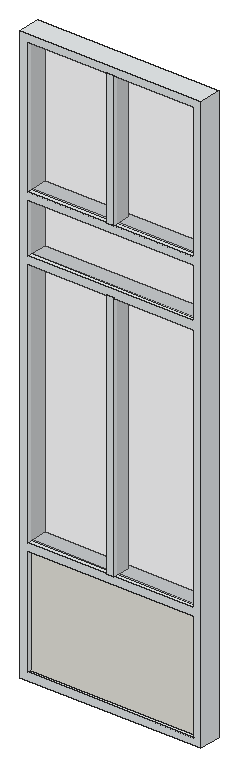
Revit family "Janela_Fachada_6Painel_Asim", category Windows, host Wall, Revit 2020
Family settings
  Host = Wall
  OmniClass Number = 23.30.20.00
  OmniClass Title = Windows
  Always vertical = Yes
  Cut with Voids When Loaded = No
  Shared = No
  Room Calculation Point = No
Parameters (values of type "JAN_FAC_6PA_INT_D")
  Material_Vidro = CT_Vidros
  Material_Painel_Inferior = CT_Placa_Cega
  Material_Esquadria = CT_Esquadrias_Aluminio
  Height [instance] = 4.000 m
  Espess_Esquadria = 0.050 m
  Define Thermal Properties by = Schematic Type
  Default Sill Height = 0.800 m
  Wall Closure = By host
  Width [instance] = 1.250 m
  Analytic Construction = "<None>"
  Alt_Bandeira_Sup = 1.000 m
  Alt_Bandeira_Inf = 1.800 m
Types (3, lengths in m): name | Material_Painel_Inferior | Material_Esquadria | Height | Alt_Bandeira_Sup | Alt_Bandeira_Inf
  JAN_FAC_6PA_INT_D | CT_Placa_Cega | CT_Esquadrias_Aluminio | 4.000 | 1.000 | 1.800
  JAN_FAC_6PA_INT_H | CT_Vidros | CT_Aluminio | 3.450 | 0.900 | 1.250
  JAN_FAC_6PA_INT_A | CT_Vidros | CT_Esquadrias_Aluminio | 4.000 | 1.000 | 1.800
Reference planes (m)
  plane 1 "Center (Front/Back)": y = 0
  plane 2 "Center (Left/Right)": x = 0
  plane 3 "Left": x = -0.625
  plane 4 "Right": x = 0.625
  plane 5 "Sill": z = 0.8
  plane 6 "Head": z = 4
  plane 7 "Exterior": y = 0.05
  plane 8 "Interior": y = -0.05
  plane 9: z = 3
  plane 10: z = 2.6
Forms (m)
  Extrusion 1, solid, material "CT_Esquadrias_Aluminio" <- "Material_Esquadria"
    sketch origin (0, 0.05, 0) x (1, 0, 0) y (0, 0, 1)
      loop
        line (0.625, 4) -> (-0.625, 4) -> (-0.625, 0) -> (0.625, 0) -> (0.625, 4)
      loop
        line (-0.575, 0.8) -> (-0.575, 0.05) -> (0.575, 0.05) -> (0.575, 0.8) -> (-0.575, 0.8)
      loop
        line (-0.575, 3.95) -> (-0.575, 3.025) -> (0.575, 3.025) -> (0.575, 3.95) -> (-0.575, 3.95)
      loop
        line (-0.575, 2.975) -> (-0.575, 2.625) -> (0.575, 2.625) -> (0.575, 2.975) -> (-0.575, 2.975)
      loop
        line (0.575, 0.85) -> (0.575, 2.575) -> (-0.575, 2.575) -> (-0.575, 0.85) -> (0.575, 0.85)
    from -0.05 to 0.1
  Extrusion 2, solid, material "CT_Vidros" <- "Material_Vidro"
    sketch origin (0, 0.05, 0) x (1, 0, 0) y (0, 0, 1)
      loop
        line (0.575, 3.95) -> (0.025, 3.95) -> (0.025, 3.025) -> (0.575, 3.025) -> (0.575, 3.95)
      loop
        line (-0.025, 3.95) -> (-0.575, 3.95) -> (-0.575, 3.025) -> (-0.025, 3.025) -> (-0.025, 3.95)
      loop
        line (0.575, 2.975) -> (-0.575, 2.975) -> (-0.575, 2.625) -> (0.575, 2.625) -> (0.575, 2.975)
      loop
        line (0.575, 2.575) -> (0.025, 2.575) -> (0.025, 0.85) -> (0.575, 0.85) -> (0.575, 2.575)
      loop
        line (-0.025, 2.575) -> (-0.575, 2.575) -> (-0.575, 0.85) -> (-0.025, 0.85) -> (-0.025, 2.575)
    from 0.062444 to 0.074642
  Extrusion 3, solid, material "CT_Placa_Cega" <- "Material_Painel_Inferior"
    sketch origin (0, 0.05, 0) x (1, 0, 0) y (0, 0, 1)
      loop
        line (0.575, 0.8) -> (-0.575, 0.8) -> (-0.575, 0.05) -> (0.575, 0.05) -> (0.575, 0.8)
    from 0.062444 to 0.074642
  Extrusion 4, solid, material "CT_Esquadrias_Aluminio" <- "Material_Esquadria"
    sketch origin (0, 0.1, 0) x (-1, 0, 0) y (0, 0, 1)
      loop
        line (-0.025, 3.95) -> (-0.025, 3.025) -> (0.025, 3.025) -> (0.025, 3.95) -> (-0.025, 3.95)
    from -0.15 to -0.035
  Extrusion 5, solid, material "CT_Esquadrias_Aluminio" <- "Material_Esquadria"
    sketch origin (0, 0.1, -1.54) x (-1, 0, 0) y (0, 0, 1)
      loop
        line (-0.025, 4.115) -> (-0.025, 2.39) -> (0.025, 2.39) -> (0.025, 4.115) -> (-0.025, 4.115)
    from -0.15 to -0.035
Lines and regions (m)
  Opening 1
    outline origin (3.5, -0.05, 0) x (1, 0, 0) y (0, 0, 1)
      loop
        line (-2.875, 0) -> (-2.875, 4) -> (-4.125, 4) -> (-4.125, 0) -> (-2.875, 0)
Text (m)
  text "EXTERIOR" at (-1.963203, 1.332353, 0), in view "Ref. Level"
  text "INTERIOR" at (-1.981466, -0.818386, 0), in view "Ref. Level"
  text "Exterior" at (0, 0.923751, 2.943296), in view "Right"
  text "Exterior" at (0, 1.040484, 2.685409), in view "Left"
Dimensions and locks (m)
  equal spacing: plane 3 "Left", plane 2 "Center (Left/Right)", plane 4 "Right"
  "Width": plane 3 "Left" to plane 4 "Right"
  level to plane 6 "Head" = 4.000 m
  "Default Sill Height": plane 5 "Sill" to level
  locked: plane 7 "Exterior" to host wall
  locked: plane 8 "Interior" to host wall
  "Alt_Bandeira_Sup": plane 9 to plane 6 "Head"
  "Alt_Bandeira_Inf": plane 5 "Sill" to plane 10
  equal spacing: Extrusion 1 sketch curve, plane 9, Extrusion 1 sketch curve
  Extrusion 1 sketch curve to Extrusion 1 sketch curve = 0.050 m  (x2)
  "Espess_Esquadria": Extrusion 1 sketch curve to Extrusion 1 sketch curve  (x6)
  equal spacing: Extrusion 1 sketch curve, plane 10, Extrusion 1 sketch curve
  locked: Extrusion 1 to Extrusion 2 at 0.025358
  locked: Extrusion 2 to Extrusion 2 at 0.012199
  "Height": plane 6 "Head" to level
  locked: Extrusion 1 to Extrusion 1 at 0.15
  locked: Extrusion 5 to Extrusion 5 at 0.115
  aligned and locked: plane 8 "Interior" to Extrusion 1
  aligned and locked: plane 3 "Left" to Extrusion 1
  aligned and locked: Extrusion 1 to plane 4 "Right"
  aligned and locked: Extrusion 1 sketch curve to Extrusion 1 sketch curve  (x4)
  aligned and locked: Extrusion 1 to Extrusion 2 sketch curve  (x6)
  aligned and locked: Extrusion 2 sketch curve to Extrusion 1  (x5)
  aligned and locked: Extrusion 3 sketch curve to Extrusion 1  (x4)
  aligned and locked: Extrusion 3 to Extrusion 2  (x2)
  aligned and locked: level to Opening 1 sketch curve
  aligned and locked: Opening 1 sketch curve to plane 4 "Right"
  aligned and locked: Opening 1 sketch curve to plane 3 "Left"
  aligned and locked: Extrusion 4 sketch curve to Extrusion 2  (x4)
  aligned and locked: Extrusion 1 to Extrusion 4
  aligned and locked: Extrusion 5 to Extrusion 1  (x2)
  aligned and locked: Extrusion 1 to Extrusion 5
  aligned and locked: Extrusion 5 to Extrusion 4
  aligned and locked: host wall to Extrusion 1
Automatic sketch dimensions
  Opening 1 sketch curve to plane 6 "Head" = 0.000 m
  plane 2 "Center (Left/Right)" to Extrusion 2 sketch curve = 0.025 m  (x2)
  Extrusion 2 sketch curve to plane 2 "Center (Left/Right)" = 0.025 m  (x2)
  Extrusion 2 sketch curve to plane 5 "Sill" = 0.050 m
  Extrusion 2 sketch curve to plane 10 = 0.025 m
  plane 9 to Extrusion 2 sketch curve = 0.025 m
  plane 6 "Head" to Extrusion 2 sketch curve = 0.050 m  (x2)
  Extrusion 5 sketch curve to plane 2 "Center (Left/Right)" = 0.025 m
  plane 2 "Center (Left/Right)" to Extrusion 5 sketch curve = 0.025 m
  Extrusion 5 sketch curve to plane 5 "Sill" = 0.050 m
  Extrusion 5 sketch curve to plane 10 = 0.025 m
  Extrusion 1 sketch curve to plane 3 "Left" = 0.000 m
  Extrusion 1 sketch curve to plane 5 "Sill" = 0.000 m
  Extrusion 1 sketch curve to plane 4 "Right" = 0.000 m
  Extrusion 1 sketch curve to level = 0.000 m
  Extrusion 1 sketch curve to plane 6 "Head" = 0.000 m
  Extrusion 1 sketch curve to Extrusion 1 sketch curve = 0.050 m
  Extrusion 1 sketch curve to plane 10 = 0.025 m
  plane 6 "Head" to Extrusion 1 sketch curve = 0.050 m
